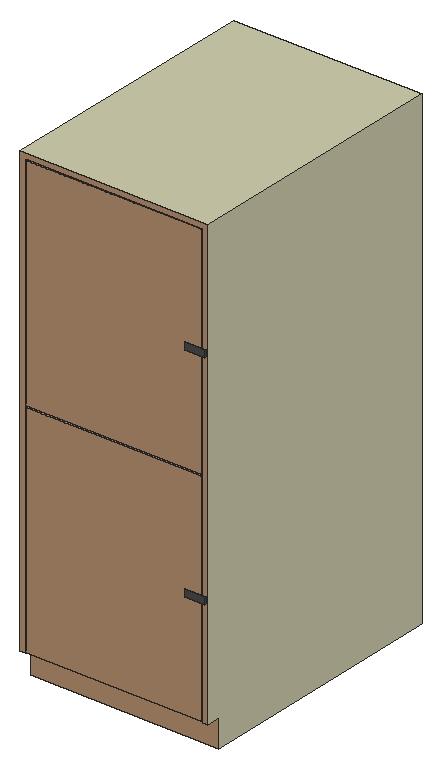
Revit family "Cabinet_Wenger_UltraStor_66", category Furniture, Revit 2015
Parameters (values of type "UltraStor Cabinet #66 - Comp Wood Doors")
  URL = "https://www.wengercorp.com/"
  Type Comments = ""
  Specification = "http://www.arcat.com/sdspecs/htm04/12_35_83wen.htm"
  Shelf Thickness = 0' - 1 1/8"
  Sales Information = "https://www.wengercorp.com/contact-us.php"
  Revision = "R1_2018-04"
  Rear Panel Thickness = 0' - 0 3/4"
  Product Data = "http://www.arcat.com/arcatcos/cos36/arc36487.html"
  Manufacturer Website = "https://www.wengercorp.com/"
  Manufacturer Phone - Toll Free = "800-4WENGER"
  Manufacturer Phone = "(507) 455-4100"
  Manufacturer Fax = "(507) 455-4258"
  Manufacturer Address = "555 Park Dr., Owatonna, MN 55060"
  Keynote = "12 35 83"
  HasDoors = yes
  Green Building-LEED = "http://www.arcat.com/green/clients/leed_data_36487.html"
  Drawn By = "Sumex Design, Inc. / Robert S. Weygant, CSI, CDT, SCIP"
  Door Width = (Cabinet Width - 0' 1 1/2")  # 2' - 2"
  Door Style = Door_Base : Solid Door
  Door Material [instance] = Wenger Cherry (Use Cherry Edge Band Only)
  Door Height = (Cabinet Height - 0' 4 3/4") / 2  # 2' - 8 1/2"
  Toe Kick Material [instance] = Wenger Cherry (Use Cherry Edge Band Only)
  RH End Panel [instance] = no
  Model = "#66"
  Manufacturer = "Wenger Corporation"
  LH End Panel [instance] = no
  End Panel Material [instance] = Wenger Cherry (Use Cherry Edge Band Only)
  Edge Banding Material [instance] = Wenger Cherry (Use Cherry Edge Band Only)
  Cost = 0
  Copyright = "© 2018 Arcat Inc."
  Construction Details = "http://www.arcat.com/details/wengerco/wengerco.html?coid=36487"
  Body Material [instance] = Wenger - Oyster
  Description = "Wenger UltraStor Cabinet #66 - Comp Wood Doors"
  Cabinet Width = 2' - 3 1/2"
  Cabinet Height = 5' - 9 3/4"
  Installed Depth = 3' - 3 1/4"
  Cabinet Panel Thickness = 0' - 0 3/4"
  Assembly Code = "E2010200"
Types (14): name | Rear Panel Thickness | HasDoors | Door Width | Door Style | Door Material | Model | Description | Cabinet Width | Installed Depth
  Acoustic Cabinet #66 - No Doors | 0' - 3 1/4" | no | 2' - 2" | Door_Base : Solid Door | none | "#66A" | "Wenger Acoustic Cabinet #66 - No Doors" | 2' - 3 1/2" | 3' - 5 3/4"
  Narrow Acoustic Cabinet #66 - No Doors | 0' - 3 1/4" | no | 1' - 8" | Door_Base : Solid Door | none | "#66NA" | "Wenger Narrow Acoustic Cabinet #66 - No Doors" | 1' - 9 1/2" | 3' - 5 3/4"
  Acoustic Cabinet #66 - Comp Grille Doors | 0' - 3 1/4" | yes | 2' - 2" | Door_Base : Bars | Painted Black | "#66A" | "Wenger Acoustic Cabinet #66 - Comp Grille Doors" | 2' - 3 1/2" | 3' - 5 3/4"
  Acoustic Cabinet #66 - Comp Waterfall Grille Doors | 0' - 3 1/4" | yes | 2' - 2" | Door_Base : Waterfall | Painted Black | "#66A" | "Wenger Acoustic Cabinet #66 - Comp Waterfall Grille Doors" | 2' - 3 1/2" | 3' - 5 3/4"
  Narrow Acoustic Cabinet #66 - Comp Grille Doors | 0' - 3 1/4" | yes | 1' - 8" | Door_Base : Bars | Painted Black | "#66NA" | "Wenger Narrow Acoustic Cabinet #66 - Comp Grille Doors" | 1' - 9 1/2" | 3' - 5 3/4"
  Narrow Acoustic Cabinet #66 - Comp Waterfall Grille Doors | 0' - 3 1/4" | yes | 1' - 8" | Door_Base : Waterfall | Painted Black | "#66NA" | "Wenger Narrow Acoustic Cabinet #66 - Comp Waterfall Grille Doors" | 1' - 9 1/2" | 3' - 5 3/4"
  UltraStor Cabinet #66 - No Doors | 0' - 0 3/4" | no | 2' - 2" | Door_Base : Solid Door | none | "#66" | "Wenger UltraStor Cabinet #66 - No Doors" | 2' - 3 1/2" | 3' - 3 1/4"
  Narrow UltraStor Cabinet #66 - Comp Waterfall Grille Doors | 0' - 0 3/4" | yes | 1' - 8" | Door_Base : Waterfall | Painted Black | "#66N" | "Wenger Narrow Cabinet #66 - Comp Waterfall Grille Doors" | 1' - 9 1/2" | 3' - 3 1/4"
  Narrow UltraStor Cabinet #66 - Comp Wood Doors | 0' - 0 3/4" | yes | 1' - 8" | Door_Base : Solid Door | Wenger Cherry (Use Cherry Edge Band Only) | "#66N" | "Wenger Narrow Cabinet #66 - Comp Wood Doors" | 1' - 9 1/2" | 3' - 3 1/4"
  Narrow UltraStor Cabinet #66 - No Doors | 0' - 0 3/4" | no | 1' - 8" | Door_Base : Solid Door | none | "#66N" | "Wenger Narrow Cabinet #66 - No Doors" | 1' - 9 1/2" | 3' - 3 1/4"
  UltraStor Cabinet #66 - Comp Waterfall Grille Doors | 0' - 0 3/4" | yes | 2' - 2" | Door_Base : Waterfall | Painted Black | "#66" | "Wenger UltraStor Cabinet #66 - Comp Waterfall Grille Doors" | 2' - 3 1/2" | 3' - 3 1/4"
  Narrow UltraStor Cabinet #66 - Comp Grille Doors | 0' - 0 3/4" | yes | 1' - 8" | Door_Base : Bars | Painted Black | "#66N" | "Wenger Narrow Cabinet #66 - Comp Grille Doors" | 1' - 9 1/2" | 3' - 3 1/4"
  UltraStor Cabinet #66 - Comp Wood Doors | 0' - 0 3/4" | yes | 2' - 2" | Door_Base : Solid Door | Wenger Cherry (Use Cherry Edge Band Only) | "#66" | "Wenger UltraStor Cabinet #66 - Comp Wood Doors" | 2' - 3 1/2" | 3' - 3 1/4"
  UltraStor Cabinet #66 - Comp Grille Doors | 0' - 0 3/4" | yes | 2' - 2" | Door_Base : Bars | Painted Black | "#66" | "Wenger UltraStor Cabinet #66 - Comp Grille Doors" | 2' - 3 1/2" | 3' - 3 1/4"
Reference planes (in)
  plane 1 "Front": y = 0
  plane 2: z = 0
  plane 3 "Left": x = 0
  plane 4 "Right": x = 27.5
  plane 5 "Back": y = 39.25
  plane 6 "Top": z = 69.75
  plane 7: z = 4
  plane 8: z = 36.5
  plane 9: x = 0.75
  plane 10: x = 26.75
  plane 11: z = 69
  plane 12: x = 26.75
  plane 13: x = 0.75
  plane 14: y = 38.5
  plane 15: y = 2
  plane 16: y = 0.75
  plane 17: z = 37.625
  plane 18: z = 5.125
Forms (in)
  Extrusion 1, solid, material "Wenger - Oyster" <- "Body Material"
    sketch origin (0, 0, 0) x (0, 1, 0) y (0, 0, 1)
      loop
        line (0, 69.75) -> (0, 4) -> (2, 4) -> (2, 0) -> (39.25, 0) -> (39.25, 69.75) -> (0, 69.75)
    from 0 to 27.5
  Extrusion 2, void
    sketch origin (0, 0, 0) x (0, 1, 0) y (0, 0, 1)
      loop
        line (0, 69) -> (0, 4) -> (0.75, 4)
        arc (0.75, 4) -> (1.15915, 4.80234) -> (2, 5.125) r 1.25694
        line (2, 5.125) -> (38.5, 5.125) -> (38.5, 36.5) -> (0.75, 36.5)
        arc (0.75, 36.5) -> (1.15915, 37.30234) -> (2, 37.625) r 1.25694
        line (2, 37.625) -> (38.5, 37.625) -> (38.5, 69) -> (0, 69)
    from 0.75 to 26.75
  Extrusion 3, void
    sketch origin (0, 0, 0) x (0, 1, 0) y (0, 0, 1)
      loop
        line (0, 69) -> (0, 4) -> (0.0625, 4) -> (0.0625, 69) -> (0, 69)
    from 0.75 to 26.75
Cuts and joins
  Extrusion 2, Extrusion 3 cuts Extrusion 1
Lines and regions (in)
  Masking region 1
    outline origin (0, 0, 0) x (1, 0, 0) y (0, 1, 0)
      loop
        line (0, 39.25) -> (0, 0) -> (27.5, 0) -> (27.5, 39.25) -> (0, 39.25)
Dimensions and locks (in)
  "Cabinet Panel Thickness": plane 3 "Left" to plane 9
  "Cabinet Panel Thickness": plane 10 to plane 4 "Right"
  "Cabinet Panel Thickness": plane 5 "Back" to plane 14
  locked: plane 1 "Front" to plane 16 at 0.75
  locked: plane 1 "Front" to plane 15 at 2
  "Shelf Thickness": plane 17 to plane 8
  "Cabinet Panel Thickness": plane 6 "Top" to plane 11
  equal spacing: plane 11, plane 8, plane 7
  "Shelf Thickness": plane 18 to plane 7
  "Cabinet Width": plane 3 "Left" to plane 4 "Right"
  locked: plane 7 to level at 4
  "Cabinet Height": plane 6 "Top" to level
  "Installed Depth": plane 1 "Front" to plane 5 "Back"
  "Door Width": plane 12 to plane 9
  "Door Width": plane 10 to plane 13
  plane 3 "Left" to plane 4 "Right" = 2' - 3 1/2"
  equal spacing: plane 5 "Back", nested 2, plane 1 "Front"
  equal spacing: plane 13, nested 2, plane 12
  aligned and locked: Extrusion 1 sketch curve to plane 6 "Top"
  aligned and locked: Extrusion 1 sketch curve to plane 5 "Back"
  aligned and locked: Extrusion 1 sketch curve to plane 1 "Front"
  aligned and locked: Extrusion 1 sketch curve to plane 7
  aligned and locked: Extrusion 1 sketch curve to plane 15
  aligned and locked: Extrusion 1 sketch curve to level
  aligned and locked: Extrusion 1 to plane 4 "Right"
  aligned and locked: Extrusion 1 to plane 3 "Left"
  aligned and locked: Extrusion 2 sketch curve to plane 11
  aligned and locked: Extrusion 2 sketch curve to plane 14
  aligned and locked: Extrusion 2 sketch curve to plane 8
  aligned and locked: Extrusion 2 sketch curve to plane 18
  aligned and locked: Extrusion 2 sketch curve to plane 17
  aligned and locked: Extrusion 2 to plane 9
  aligned and locked: Extrusion 3 sketch curve to cut or joined group of Extrusion 1, Extrusion 2, Extrusion 3  (x3)
  aligned and locked: Extrusion 3 to plane 10
  aligned and locked: Extrusion 3 to plane 9
  aligned and locked: nested 3 to plane 9
  aligned and locked: plane 12 to nested 3
  aligned and locked: nested 3 to plane 8
  aligned and locked: plane 8 to cut or joined group of Extrusion 1, Extrusion 2, Extrusion 3
  aligned and locked: plane 12 to nested 4
  aligned and locked: nested 4 to plane 9
  aligned and locked: plane 7 to cut or joined group of Extrusion 1, Extrusion 2, Extrusion 3
  aligned and locked: nested 4 to plane 7
  aligned and locked: plane 16 to Extrusion 2 sketch curve
  aligned and locked: plane 1 "Front" to nested 5
  aligned and locked: nested 5 to level
  aligned and locked: nested 5 to plane 4 "Right"
  aligned and locked: Masking region 1 sketch curve to plane 5 "Back"
  aligned and locked: Masking region 1 sketch curve to plane 1 "Front"
  aligned and locked: plane 3 "Left" to Masking region 1 sketch curve
  aligned and locked: plane 4 "Right" to Masking region 1 sketch curve
  aligned and locked: cut or joined group of Extrusion 1, Extrusion 2, Extrusion 3 to plane 10
  aligned and locked: plane 1 "Front" to Extrusion 2 sketch curve
Automatic sketch dimensions
  plane 16 to Extrusion 3 sketch curve = 0' - 0 11/16"
  Extrusion 2 sketch curve to plane 16 = 0' - 0"
  Extrusion 2 sketch curve to plane 15 = 0' - 0"  (x2)
  Extrusion 2 sketch curve to plane 14 = 0' - 0"
  Extrusion 2 sketch curve to plane 7 = 0' - 0"
Nested families (in)
  nested 1: "End Panel" at (0, 24.25, 0) x (0, -1, 0) z (0, 0, 1), End Panel Material <- "End Panel Material", visible <- "LH End Panel", Edge Banding Material <- "Edge Banding Material", type "End Panel"
    with End Panel Material Wenger Cherry (Use Cherry Edge Band Only), Edge Banding Material Wenger Cherry (Use Cherry Edge Band Only), End Panel Height 5' - 9 3/4", End Panel Depth 3' - 3 1/4"
  nested 2: "Labels" at (13.75, 19.625, 0), type "Labels"
  nested 3: "Door_Base" at (13.75, 0, 36.5) x (1, 0, 0) z (0, -1, 0), type <- "Door Style", Height <- "Door Height", Width <- "Door Width", visible <- "HasDoors", type "Solid Door", detail levels medium+fine
    with vBars 24, Width 2' - 2", ToeKick Height 0' - 4", MidBar no, Height 2' - 8 1/2", BarHt 2' - 8", 2HzBars no
  nested 4: "Door_Base" at (13.75, 0, 4) x (1, 0, 0) z (0, -1, 0), type <- "Door Style", Height <- "Door Height", Width <- "Door Width", visible <- "HasDoors", type "Solid Door", detail levels medium+fine
    with vBars 24, Width 2' - 2", ToeKick Height 0' - 4", MidBar no, Height 2' - 8 1/2", BarHt 2' - 8", 2HzBars no
  nested 5: "End Panel" at (28.25, 24.25, 0) x (0, -1, 0) z (0, 0, 1), End Panel Material <- "End Panel Material", Edge Banding Material <- "Edge Banding Material", visible <- "RH End Panel", type "End Panel"
    with End Panel Material Wenger Cherry (Use Cherry Edge Band Only), Edge Banding Material Wenger Cherry (Use Cherry Edge Band Only), End Panel Height 5' - 9 3/4", End Panel Depth 3' - 3 1/4"
Definition of nested family "End Panel"
  Parameters (values of type "End Panel")
    End Panel Material [instance] = none
    End Panel Height = 7' - 1 5/8"
    End Panel Depth = 1' - 9 3/4"
    Edge Banding Material [instance] = none
    Default Elevation = 4' - 0"
    Assembly Code = ""
  Reference planes (in)
    plane 1 "Center (Front/Back)": y = 0
    plane 2: z = 0
    plane 3 "Center (Left/Right)": x = 0
    plane 4: x = -15
    plane 5: x = 6.75
    plane 6: z = 4
    plane 7: x = 4.75
    plane 8: z = 85.625
    plane 9: y = -0.75
  Forms (in)
    Extrusion 1, solid, material <- "End Panel Material"
      sketch origin (0, 0, 0) x (1, 0, 0) y (0, 0, 1)
        loop
          line (-15, 85.625) -> (-15, 0) -> (4.75, 0) -> (4.75, 4) -> (6.75, 4) -> (6.75, 85.625) -> (-15, 85.625)
      from 0 to 0.75
  Lines and regions (in)
    Masking region 1, detail levels coarse+medium
      outline origin (0, 0, 0) x (1, 0, 0) y (0, 1, 0)
        loop
          line (-15, 0) -> (-15, -0.75) -> (6.75, -0.75) -> (6.75, 0) -> (-15, 0)
  Dimensions and locks (in)
    locked: plane 7 to plane 5 at 2
    locked: plane 6 to level at 4
    "End Panel Height": plane 8 to level
    "End Panel Depth": plane 5 to plane 4
    locked: plane 9 to plane 1 "Center (Front/Back)" at 0.75
    aligned and locked: plane 4 to Extrusion 1 sketch curve
    aligned and locked: level to Extrusion 1 sketch curve
    aligned and locked: plane 7 to Extrusion 1 sketch curve
    aligned and locked: plane 6 to Extrusion 1 sketch curve
    aligned and locked: Extrusion 1 sketch curve to plane 5
    aligned and locked: Extrusion 1 sketch curve to plane 8
    aligned and locked: Extrusion 1 to plane 9
    aligned and locked: Extrusion 1 to plane 1 "Center (Front/Back)"
    aligned and locked: plane 4 to Masking region 1 sketch curve
    aligned and locked: Masking region 1 sketch curve to plane 5
    aligned and locked: plane 1 "Center (Front/Back)" to Masking region 1 sketch curve
    aligned and locked: plane 9 to Masking region 1 sketch curve
Definition of nested family "Door_Base"
  Parameters (values of type "None")
    vBars [instance] = (Width - 0' 2") / 0' 1"  # 6
    Width [instance] = 0' - 8"
    ToeKick Height [instance] = 0' - 4"
    Thickness = 0' - 0 3/4"
    Solid Door = no
    Shelf Thickness = 0' - 0 3/4"
    Panel Thickness = 0' - 0 3/4"
    MidBar [instance] = and(Height < 1' 6", HasDoor, not(Solid Door))  # no
    Height [instance] = 1' - 2 5/8"
    HasDoor = no
    Edge Banding = none
    DoorGap = 0' - 0 1/8"
    Door Finish = none
    Depth = 2' - 0"
    Default Elevation = 4' - 0"
    Bars = no
    BarStyle = Bars : Waterfall
    BarHt [instance] = Height - 0' 0 1/2"  # 1' - 2 1/8"
    2HzBars [instance] = and(Height > 1' 6", not(Solid Door))  # no
  Types (4): name | Thickness | Solid Door | MidBar | HasDoor | Bars | BarStyle
    Solid Door | 0' - 0 3/4" | yes | no | yes | no | Bars : Waterfall
    Bars | 0' - 0 1/4" | no | yes | yes | yes | Bars : Straight
    Waterfall | 0' - 0 3/4" | no | yes | yes | yes | Bars : Waterfall
    None | 0' - 0 3/4" | no | no | no | no | Bars : Waterfall
  Reference planes (in)
    plane 1 "Center (Front/Back)": y = 0
    plane 2: z = 0
    plane 3 "Center (Left/Right)": x = 0
    plane 4: x = -4
    plane 5: y = 14.625
    plane 6: x = 4
    plane 7: z = -0.75
    plane 8: x = -3.875
    plane 9: x = 3.875
    plane 10: y = 0.125
    plane 11: y = 14.5
    plane 12: y = -0.75
    plane 13 "CL Elev": y = 7.3125
    plane 14: x = -3.75
    plane 15: x = 3.75
    plane 16 "BtmRail": y = 0.25
    plane 17: y = 14.375
    plane 18: z = -0.125
    plane 19: x = -2.75
    plane 20: x = 2.75
    plane 21: y = 9.66667
    plane 22: y = 4.95833
  Forms (in)
    Extrusion 1, solid, material <- "Door Finish", visible <- "Solid Door", detail levels medium+fine
      sketch origin (0, 0, 0) x (1, 0, 0) y (0, 1, 0)
        loop
          arc (-3.75, 14.5) -> (-3.83839, 14.46339) -> (-3.875, 14.375) r 0.125
          line (-3.875, 14.375) -> (-3.875, 0.25)
          arc (-3.875, 0.25) -> (-3.83839, 0.16161) -> (-3.75, 0.125) r 0.125
          line (-3.75, 0.125) -> (3.75, 0.125)
          arc (3.75, 0.125) -> (3.83839, 0.16161) -> (3.875, 0.25) r 0.125
          line (3.875, 0.25) -> (3.875, 14.375)
          arc (3.875, 14.375) -> (3.83839, 14.46339) -> (3.75, 14.5) r 0.125
          line (3.75, 14.5) -> (-3.75, 14.5)
      from 0 to -0.75
    Sweep 2, solid, material <- "Door Finish", visible <- "Bars", detail levels medium+fine
      path origin (0, 0, 0) x (1, 0, 0) y (0, 1, 0)
        loop
          arc (-3.125, 14.5) -> (-3.65533, 14.28033) -> (-3.875, 13.75) r 0.75
          line (-3.875, 13.75) -> (-3.875, 0.875)
          arc (-3.875, 0.875) -> (-3.65533, 0.34467) -> (-3.125, 0.125) r 0.75
          line (-3.125, 0.125) -> (3.125, 0.125)
          arc (3.125, 0.125) -> (3.65533, 0.34467) -> (3.875, 0.875) r 0.75
          line (3.875, 0.875) -> (3.875, 13.75)
          arc (3.875, 13.75) -> (3.65533, 14.28033) -> (3.125, 14.5) r 0.75
          line (3.125, 14.5) -> (-3.125, 14.5)
      profile origin (0, 14.5, 0) x (0, 1, 0) y (0, 0, 1)
        loop
          circle (-0.125, -0.125) r 0.125
    Extrusion 3, solid, material <- "Door Finish", visible <- "MidBar", detail levels medium+fine
      sketch origin (0, 0, 0) x (0, 1, 0) y (0, 0, 1)
        loop
          circle (7.3125, -0.125) r 0.125
      from -3.75 to 3.75
    Extrusion 4, solid, visible <- "HasDoor", detail levels fine
      sketch origin (0, 0, 0) x (1, 0, 0) y (0, 1, 0)
        loop
          line (1.5, 7.8125) -> (1.5, 6.8125) -> (4.5, 6.8125) -> (4.5, 7.8125) -> (1.5, 7.8125)
      from 0 to 0.125
    Extrusion 5, solid, material <- "Door Finish", visible <- "2HzBars", detail levels medium+fine
      sketch origin (0, 0, 0) x (0, 1, 0) y (0, 0, 1)
        loop
          circle (9.66667, -0.125) r 0.125
        loop
          circle (4.95833, -0.125) r 0.125
      from -3.75 to 3.75
  Lines and regions (in)
    symbolic lines, visible <- "HasDoor", detail levels medium+fine
      curve 1: line (4, 0.25, 0) -> (-4, 0.25, 0)
      curve 2: line (-4, 0.25, 0) -> (-4, 0.25, 8)
      curve 3: arc (4, 0.25, 0) -> (1.65685, 0.25, 5.65685) -> (-4, 0.25, 8) r 8
    symbolic lines, visible <- "HasDoor"
      curve 4: line (3.875, 0.25, 0) -> (3.875, 0.25, -0.75)
      curve 5: line (3.875, 0.25, -0.75) -> (-3.875, 0.25, -0.75)
      curve 6: line (-3.875, 0.25, -0.75) -> (-3.875, 0.25, 0)
    symbolic lines, detail levels medium
      curve 7: line (3.875, 14.5, 0) -> (-3.875, 7.3125, 0)
      curve 8: line (-3.875, 7.3125, 0) -> (3.875, 0.125, 0)
  Dimensions and locks (in)
    "Height": plane 1 "Center (Front/Back)" to plane 5
    "Thickness": level to plane 7
    equal spacing: plane 4, plane 3 "Center (Left/Right)", plane 6
    "Width": plane 4 to plane 6
    "DoorGap": plane 5 to plane 11
    "DoorGap": plane 9 to plane 6
    "DoorGap": plane 4 to plane 8
    "DoorGap": plane 1 "Center (Front/Back)" to plane 10
    "Shelf Thickness": plane 1 "Center (Front/Back)" to plane 12
    equal spacing: plane 1 "Center (Front/Back)", plane 13 "CL Elev", plane 5
    locked: plane 15 to plane 9 at 0.125
    locked: plane 8 to plane 14 at 0.125
    locked: plane 11 to plane 17 at 0.125
    locked: plane 16 "BtmRail" to plane 10 at 0.125
    locked: level to plane 18 at 0.125
    plane 19 to plane 14 = 0' - 1"
    locked: plane 15 to plane 20 at 1
    Extrusion 4 sketch curve to plane 13 "CL Elev" to Extrusion 4 sketch curve = 0' - 0 1/2" locked, 0' - 0 1/2" locked
    locked: plane 6 to Extrusion 4 sketch curve at 0.5
    locked: Extrusion 4 sketch curve to plane 6 at 2.5
    locked: Extrusion 4 to level at 0.125
    equal spacing: group 1, group 3, group 4, group 5, group 6, group 2  (x3)
    equal spacing: plane 17, plane 21, plane 22, plane 16 "BtmRail"
    "Width": radius of curve 3
    aligned and locked: plane 2 to level
    aligned and locked: Extrusion 1 sketch curve to plane 11
    aligned and locked: plane 8 to Extrusion 1 sketch curve
    aligned and locked: Extrusion 1 sketch curve to plane 9
    aligned and locked: plane 10 to Extrusion 1 sketch curve
    aligned and locked: Extrusion 1 to plane 7
    aligned and locked: level to Extrusion 1
    aligned and locked: Sweep 2 sketch curve to plane 11
    aligned and locked: plane 8 to Sweep 2 sketch curve
    aligned and locked: plane 10 to Sweep 2 sketch curve
    aligned and locked: Sweep 2 sketch curve to plane 9
    aligned and locked: plane 15 to Extrusion 3
    aligned and locked: Extrusion 3 to plane 14
    aligned and locked: plane 20 to nested 2
    aligned and locked: plane 19 to nested 1
    aligned and locked: plane 21 to Extrusion 5 sketch curve
    aligned and locked: plane 18 to Extrusion 5 sketch curve  (x2)
    aligned and locked: plane 22 to Extrusion 5 sketch curve
    aligned and locked: Extrusion 5 to Extrusion 3  (x2)
    aligned and locked: plane 4 to curve 3  (x2)
    aligned and locked: level to curve 3
    aligned and locked: plane 7 to curve 5
    aligned and locked: Extrusion 1 to plane 8
    aligned and locked: plane 9 to Extrusion 1
    aligned and locked: plane 10 to curve 8
    aligned and locked: plane 9 to curve 8
    aligned and locked: plane 13 "CL Elev" to curve 8
    aligned and locked: plane 11 to curve 7
    aligned and locked: plane 9 to curve 7
  Automatic sketch dimensions
    plane 8 to Sweep 2 sketch curve = 0' - 0 3/4"  (x2)
    Sweep 2 sketch curve to plane 9 = 0' - 0 3/4"
    Sweep 2 sketch curve to Sweep 2 sketch curve = 0' - 0 3/4"
    Sweep 2 sketch curve to level = 0' - 0 1/8"
    profile plane to Sweep 2 sketch curve = 0' - 0 1/8"
    Extrusion 3 sketch curve to level = 0' - 0 1/8"
    Extrusion 3 sketch curve to plane 13 "CL Elev" = 0' - 0"
    curve 8 to plane 8 = 0' - 0"
    Extrusion 1 sketch curve to plane 14 = 0' - 0"  (x2)
    Extrusion 1 sketch curve to plane 15 = 0' - 0"  (x2)
    curve 5 to plane 9 = 0' - 0"
    curve 6 to plane 8 = 0' - 0"
    radius of Sweep 2 sketch curve = 0' - 0 1/8"
    radius of Extrusion 3 sketch curve = 0' - 0 1/8"
    radius of Extrusion 5 sketch curve = 0' - 0 1/8"  (x2)
  Nested families (in)
    nested 1: "Bars" at (-2.75, 0.25, -0.125) x (1, 0, 0) z (0, 1, 0), type <- "BarStyle", visible <- "Bars", type "Waterfall", detail levels fine
      with Lateral Deviation 0' - 1", Height 1' - 2 1/8"
    nested 2: "Bars" at (2.75, 0.25, -0.125) x (1, 0, 0) z (0, 1, 0), type <- "BarStyle", visible <- "Bars", type "Waterfall", detail levels fine
      with Lateral Deviation 0' - 1", Height 1' - 2 1/8"
    nested 3: "Bars" at (-1.65, 0.25, -0.125) x (1, 0, 0) z (0, 1, 0), type <- "BarStyle", visible <- "Bars", type "Waterfall", detail levels fine
      with Lateral Deviation 0' - 1", Height 1' - 2 1/8"
    nested 4: "Bars" at (-0.55, 0.25, -0.125) x (1, 0, 0) z (0, 1, 0), type <- "BarStyle", visible <- "Bars", type "Waterfall", detail levels fine
      with Lateral Deviation 0' - 1", Height 1' - 2 1/8"
    nested 5: "Bars" at (0.55, 0.25, -0.125) x (1, 0, 0) z (0, 1, 0), type <- "BarStyle", visible <- "Bars", type "Waterfall", detail levels fine
      with Lateral Deviation 0' - 1", Height 1' - 2 1/8"
    nested 6: "Bars" at (1.65, 0.25, -0.125) x (1, 0, 0) z (0, 1, 0), type <- "BarStyle", visible <- "Bars", type "Waterfall", detail levels fine
      with Lateral Deviation 0' - 1", Height 1' - 2 1/8"
  Definition of nested family "Bars"
    Parameters (values of type "Straight")
      WaterFall = no
      Straight = yes
      Lateral Deviation = 0' - 1 1/2"
      Height = 1' - 2 5/8"
      Default Elevation = 4' - 0"
      Bars = none
    Types (3): name | WaterFall | Straight
      (no name) | no | yes
      Waterfall | yes | no
      Straight | no | yes
    Reference planes (in)
      plane 1 "Center (Front/Back)": y = 0
      plane 2: z = 0
      plane 3 "Center (Left/Right)": x = 0
      plane 4: z = 14.625
      plane 5: z = 7.3125
      plane 6: x = 0.75
      plane 7: x = -0.75
      plane 8: z = 10.96875
      plane 9: z = 3.65625
    Forms (in)
      Sweep 1, solid, material <- "Bars", visible <- "WaterFall"
        path origin (0, 0, 0) x (1, 0, 0) y (0, 0, 1)
          loop
            arc (0, 0) -> (0.56057, 1.79006) -> (0.75, 3.65625) r 9.28711
            arc (0.75, 3.65625) -> (0.56057, 5.52244) -> (0, 7.3125) r 9.28711
        profile origin (0.56057, 0, 1.79006) x (-0.979603, 0, 0.200944) y (0, -1, 0)
          loop
            circle (0, 0) r 0.0625
      Sweep 2, solid, material <- "Bars", visible <- "WaterFall"
        path origin (0, 0, 14.625) x (-1, 0, 0) y (0, 0, -1)
          loop
            arc (0, 0) -> (0.56057, 1.79006) -> (0.75, 3.65625) r 9.28711
            arc (0.75, 3.65625) -> (0.56057, 5.52244) -> (0, 7.3125) r 9.28711
        profile origin (-0.56057, 0, 12.83494) x (0.979603, 0, -0.200944) y (0, -1, 0)
          loop
            circle (0, 0) r 0.0625
      Extrusion 3, solid, material <- "Bars", visible <- "Straight"
        sketch origin (0, 0, 0) x (1, 0, 0) y (0, 1, 0)
          loop
            circle (0, 0) r 0.0625
        from 0 to 14.625
    Dimensions and locks (in)
      "Height": plane 4 to level
      equal spacing: plane 6, plane 3 "Center (Left/Right)", plane 7
      "Lateral Deviation": plane 6 to plane 7
      equal spacing: plane 4, plane 8, plane 5, plane 9, level
      aligned and locked: plane 2 to level
      aligned and locked: plane 3 "Center (Left/Right)" to Sweep 1 sketch curve  (x2)
      aligned and locked: level to Sweep 1 sketch curve
      aligned and locked: plane 6 to Sweep 1 sketch curve
      aligned and locked: plane 9 to Sweep 1 sketch curve
      aligned and locked: plane 4 to Sweep 2 sketch curve
      aligned and locked: plane 3 "Center (Left/Right)" to Sweep 2 sketch curve  (x2)
      aligned and locked: plane 8 to Sweep 2 sketch curve
      aligned and locked: plane 7 to Sweep 2 sketch curve
      aligned and locked: plane 5 to Sweep 2 sketch curve
      aligned and locked: plane 4 to Extrusion 3
      aligned and locked: Extrusion 3 to level
    Automatic sketch dimensions
      plane 1 "Center (Front/Back)" to Sweep 1 sketch curve = 0' - 0"
      Sweep 1 sketch curve to profile plane = 0' - 0"
      Sweep 1 sketch curve to Sweep 1 sketch curve = 0' - 0"
      Sweep 2 sketch curve to plane 1 "Center (Front/Back)" = 0' - 0"
      Sweep 2 sketch curve to profile plane = 0' - 0"
      plane 1 "Center (Front/Back)" to Extrusion 3 sketch curve = 0' - 0"
      Extrusion 3 sketch curve to plane 3 "Center (Left/Right)" = 0' - 0"
      radius of Sweep 1 sketch curve = 0' - 0 1/16"
      radius of Sweep 2 sketch curve = 0' - 0 1/16"
      radius of Extrusion 3 sketch curve = 0' - 0 1/16"
Definition of nested family "Labels"
  Parameters
    Cabinet Label = "01"
  Reference planes (in)
    plane 1: y = 0
    plane 2: x = 0
  Text (in)
    label "xxxx" at (-0.00018, 0.00754, 0), shows "Cabinet Label"
